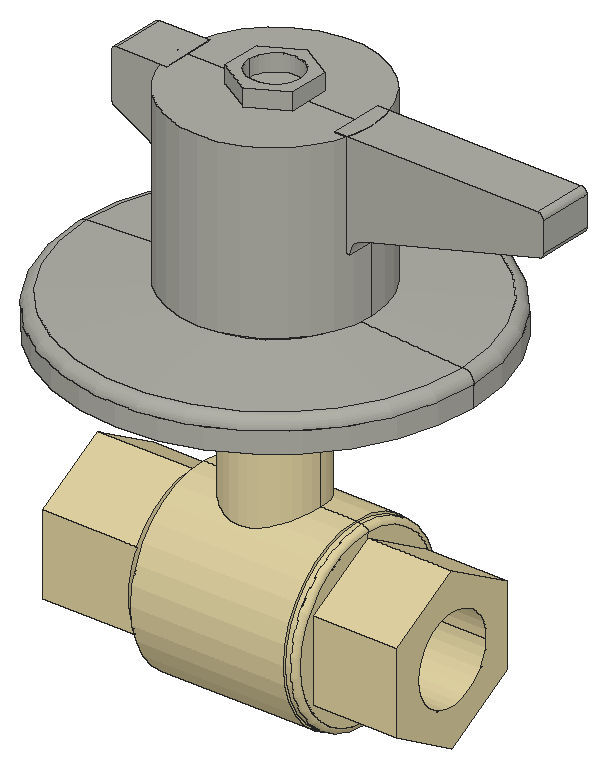
Revit family "QD20700000", category Apparecchi idraulici, Revit 2020
Family settings
  Quota connettore circolare = Usa diametro
  Tipo di parte = Normale
  Numero OmniClass = 23.45.00.00
  Titolo OmniClass = Sanitary, Laundry, and Cleaning Equipment
  Basato su piano di lavoro = No
  Sempre verticale = Sì
  Taglio con vuoti quando caricato = No
  Condiviso = No
  Punto di calcolo locali = No
Parameters
  URL = "https://web.cimberio.it/index.php/figura/270?subcategoria_id=43151"
  Temperatura di esercizio = "-20 ÷ 90°C"
  Prospetto di default = 0 mm
  Produttore = "CIMBERIO SPA"
  Pressione nominale = "PN 25"
  Modello = "Cim 28"
  Materiale = "Prodotto in lega di ottone conforme alla norma EN 12165-CW617N-DW"
  Descrizione = "Utilizzato nei più svariati settori dell'impiantistica: impianti di riscaldamento, condizionamento, idrici, igienico-sanitari, aria compressa e in generale con ogni fluido non corrosivo"
  DN Model [instance] = QD20701015 : QD20701015
  DN [instance] = 15 mm
  Commenti sul tipo = "Realizzato in ottemperanza ai requisiti gestionali della norma EN ISO 9001.\r\nCollaudato al 100% secondo la normativa EN 12266-1"
Reference planes
  plane 1 "Centro (Fronte/Retro)": y = 0
  plane 2: z = 0
  plane 3 "Centro (Sinistra/Destra)": x = 0
Dimensions and locks
  aligned and locked: level to plane 2
Nested families
  nested 1: "QD20701015" at (0, 0, 0), type <- "DN Model", type "QD20701015"
  nested 2: "QD20701015" at (0, 0, 0), type <- "DN Model", type "QD20701015"
  nested 3: "QD20701015" at (0, 0, 0), type <- "DN Model", type "QD20701015"
  nested 4: "QD20701015" at (0, 0, 0), type <- "DN Model", type "QD20701015"
  nested 5: "QD20701015" at (0, 0, 0), type <- "DN Model", type "QD20701015"
  nested 6: "QD20701015" at (0, 0, 0), type <- "DN Model", type "QD20701015"
  nested 7: "QD20701015" at (0, 0, 0), type <- "DN Model", type "QD20701015"
  nested 8: "QD20701015" at (0, 0, 0), type <- "DN Model", type "QD20701015"
  nested 9: "QD20701015" at (0, 0, 0), type <- "DN Model", type "QD20701015"
  nested 10: "QD20701015" at (0, 0, 0), type <- "DN Model", type "QD20701015"
  nested 11: "QD20701015" at (0, 0, 0), type <- "DN Model", type "QD20701015"
  nested 12: "QD20701015" at (0, 0, 0), type <- "DN Model", type "QD20701015"
  nested 13: "QD20701015" at (0, 0, 0), type <- "DN Model", type "QD20701015"
  nested 14: "QD20701015" at (0, 0, 0), type <- "DN Model", type "QD20701015"
  nested 15: "QD20701015" at (0, 0, 0), type <- "DN Model", type "QD20701015"
  nested 16: "QD20701015" at (0, 0, 0), type <- "DN Model", type "QD20701015"
Connectors
  piping at (-31.15, 0, 0), diameter 15, driven by "DN"
    settings: on nested 1, index 2, connector inside diameter 609.6 mm, connector length 0 mm, flow factor 0, pipe flow 0.0 L/s, pressure drop 0.0 Pa, fitting loss kfactor 0, connector angle 0.00°, fixture units 0, engagement length 0 mm, angle of deflection 0.00°, flow configuration 0, flow direction 0, fitting loss method 0, system type 7, joint type 0, gender type 0, connector reference index -1, connector utility 0, adjustable connector no, is connector primary yes, connector description ""
  piping at (37.2, 0, 0), diameter 15, driven by "DN"
    settings: on nested 1, index 3, connector inside diameter 609.6 mm, connector length 0 mm, flow factor 0, pipe flow 0.0 L/s, pressure drop 0.0 Pa, fitting loss kfactor 0, connector angle 0.00°, fixture units 0, engagement length 0 mm, angle of deflection 0.00°, flow configuration 0, flow direction 0, fitting loss method 0, system type 7, joint type 0, gender type 0, connector reference index -1, connector utility 0, adjustable connector no, is connector primary no, connector description ""
Definition of nested family "QD20701015"
  Parameters (values of type "QD20701015")
    Default Elevation = 0 mm
  Reference planes
    plane 1 "Centro (Fronte/Retro)": y = 0
    plane 2: z = 0
    plane 3 "Centro (Sinistra/Destra)": x = 0
  Forms (mm)
    Extrusion 1, solid
      sketch origin (0, 0, 0) x (0, 1, 0) y (0, 0, 1)
        loop
          circle (0, 0) r 7.5
        loop
          line (0, 14) -> (-12.124, 7) -> (-12.124, -7) -> (0, -14) -> (12.124, -7) -> (12.124, 7) -> (0, 14)
      from -31.15 to -12.5
    Revolve 2, solid
      sketch origin (0, 0, 0) x (1, 0, 0) y (0, 0, 1)
        loop
          arc (16.35, 14.75) -> (16.057, 15.457) -> (15.35, 15.75) r 1
          line (15.35, 15.75) -> (14.35, 15.75) -> (14.35, 7.5) -> (16.35, 7.5) -> (16.35, 14.75)
        axis (14.35, 0) -> (16.35, 0)
      angle from 0 to 360
    Revolve 3, solid
      sketch origin (0, 0, 3) x (1, 0, 0) y (0, 0, 1)
        loop
          line (-5, 38.413) -> (-16.156, 38.413) -> (-14.45, 35) -> (-10, 35)
          arc (-10, 35) -> (-8.586, 34.414) -> (-8, 33) r 2
          line (-8, 33) -> (-8, 8) -> (-5, 8) -> (-5, 38.413)
        axis (0, 38.413) -> (0, 8)
      angle from 0 to 360
    Extrusion 4, solid
      sketch origin (0, 0, 0) x (0, 1, 0) y (0, 0, -1)
        loop
          circle (0, 0) r 7.5
        loop
          line (0, -14) -> (12.124, -7) -> (12.124, 7) -> (0, 14) -> (-12.124, 7) -> (-12.124, -7) -> (0, -14)
      from -31.15 to -16.35
    Revolve 5, solid
      sketch origin (0, 0, 0) x (1, 0, 0) y (0, 0, 1)
        loop
          line (14.35, 16) -> (-12.5, 16) -> (-14.5, 14) -> (-14.5, 7.5) -> (14.35, 7.5) -> (14.35, 16)
        axis (-14.5, 0) -> (14.35, 0)
      angle from 0 to 360
    Revolve 6, solid
      sketch origin (0, 0, -4.478) x (1, 0, 0) y (0, 0, 1)
        loop
          arc (-33.058, 51.101) -> (-34.435, 50.496) -> (-35, 49.102) r 2
          line (-35, 49.102) -> (-35, 45.48) -> (0, 45.48) -> (0, 83.602) -> (-17, 83.602) -> (-17, 53.602) -> (-14.5, 53.602) -> (-14.5, 52.056) -> (-33.058, 51.101)
        axis (0, 83.602) -> (0, 45.48)
      angle from 0 to 360
    Extrusion 7, solid
      sketch origin (0, 0, 0.124) x (1, 0, 0) y (0, 0, 1)
        loop
          arc (-24, 79) -> (-24.707, 78.707) -> (-25, 78) r 1
          line (-25, 78) -> (-25, 70.577)
          arc (-25, 70.577) -> (-24.866, 70.077) -> (-24.5, 69.711) r 1
          line (-24.5, 69.711) -> (-18.5, 66.247)
          arc (-18.5, 66.247) -> (-17.392, 65.132) -> (-17, 63.609) r 3
          line (-17, 63.609) -> (-15.29, 63.609) -> (-15.29, 79) -> (-24, 79)
      from -4.744 to 4.66
    Extrusion 8, solid
      sketch origin (0, 0, 0.124) x (1, 0, 0) y (0, 0, 1)
        loop
          line (14.258, 79) -> (14.258, 60.584) -> (17, 60.584)
          arc (17, 60.584) -> (17.619, 62.412) -> (19.224, 63.485) r 3
          line (19.224, 63.485) -> (50.259, 71.801)
          arc (50.259, 71.801) -> (50.793, 72.158) -> (51, 72.767) r 1
          line (51, 72.767) -> (51, 78)
          arc (51, 78) -> (50.707, 78.707) -> (50, 79) r 1
          line (50, 79) -> (14.258, 79)
      from -4.744 to 4.66
    Extrusion 9, solid
      sketch origin (0, 0, 0.124) x (1, 0, 0) y (0, 1, 0)
        loop
          line (-6, 3.464) -> (-6, -3.464) -> (0, -6.928) -> (6, -3.464) -> (6, 3.464) -> (0, 6.928) -> (-6, 3.464)
        loop
          circle (0, 0) r 4.5
      from 79 to 81.944
  Dimensions and locks
    aligned and locked: level to plane 2
